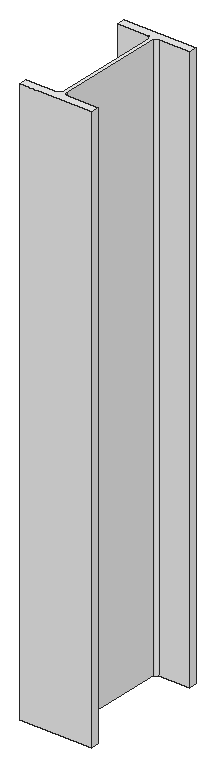
Revit family
Parameters (values of type "W530X248")
  Column Material [instance] = Metal - Steel - 345 MPa
  Assembly Code = ""
  A = 0.031 m²
  W = 2.432
  bf = 315 mm
  d = 571 mm
  k = 48.5 mm
  kr = k - tf  # 14 mm
  tf = 34.5 mm
  tw = 19 mm
Reference planes
  plane 1: y = 0
  plane 2: z = 0
  plane 3: x = 0
  plane 4: x = -157.5
  plane 5: x = 157.5
  plane 6: y = 285.5
  plane 7: y = -285.5
  plane 8: x = -3.969
  plane 9: x = 3.969
Forms (mm)
  Extrusion 1, solid, material "Metal - Steel - 345 MPa" <- "Column Material", detail levels medium
    sketch origin (0, 0, 0) x (1, 0, 0) y (0, 1, 0)
      loop
        line (-157.5, 285.5) -> (-157.5, 251) -> (-9.5, 251) -> (-9.5, -251) -> (-157.5, -251) -> (-157.5, -285.5) -> (157.5, -285.5) -> (157.5, -251) -> (9.5, -251) -> (9.5, 251) -> (157.5, 251) -> (157.5, 285.5) -> (-157.5, 285.5)
    from 0 to 2500
  Extrusion 2, solid, material "Metal - Steel - 345 MPa" <- "Column Material", detail levels fine
    sketch origin (0, 0, 0) x (1, 0, 0) y (0, 1, 0)
      loop
        line (-157.5, 285.5) -> (-157.5, 251) -> (-23.5, 251)
        arc (-23.5, 251) -> (-13.601, 246.899) -> (-9.5, 237) r 14
        line (-9.5, 237) -> (-9.5, -237)
        arc (-9.5, -237) -> (-13.601, -246.899) -> (-23.5, -251) r 14
        line (-23.5, -251) -> (-157.5, -251) -> (-157.5, -285.5) -> (157.5, -285.5) -> (157.5, -251) -> (23.5, -251)
        arc (23.5, -251) -> (13.601, -246.899) -> (9.5, -237) r 14
        line (9.5, -237) -> (9.5, 237)
        arc (9.5, 237) -> (13.601, 246.899) -> (23.5, 251) r 14
        line (23.5, 251) -> (157.5, 251) -> (157.5, 285.5) -> (-157.5, 285.5)
    from 0 to 2500
Lines and regions (mm)
  symbolic lines, style "StructuralColumnStickSymbols", detail levels coarse
    curve 1: line (-157.5, 285.5, 0) -> (157.5, 285.5, 0)
    curve 2: line (-157.5, -285.5, 0) -> (157.5, -285.5, 0)
    curve 3: line (0, 285.5, 0) -> (0, -285.5, 0)
  symbolic lines, style "Hidden Faces", detail levels medium+fine
    curve 4: line (-3.969, 0, 0) -> (-3.969, 0, 2500)
    curve 5: line (3.969, 0, 2500) -> (3.969, 0, 0)
Dimensions and locks
  equal spacing: plane 4, plane 3, plane 5
  equal spacing: plane 7, plane 1, plane 6
  "d": plane 7 to plane 6
  "bf": plane 4 to plane 5
  "tf": plane 7 to Extrusion 1 sketch curve
  "tf": Extrusion 1 sketch curve to plane 6
  equal spacing: Extrusion 1 sketch curve, plane 3, Extrusion 1 sketch curve
  "tw": Extrusion 1 sketch curve to Extrusion 1 sketch curve
  "kr": radius of Extrusion 2 sketch curve  (x4)
  aligned and locked: plane 6 to Extrusion 1 sketch curve
  aligned and locked: Extrusion 1 sketch curve to plane 7
  aligned and locked: Extrusion 1 sketch curve to plane 4  (x2)
  aligned and locked: plane 5 to Extrusion 1 sketch curve
  aligned and locked: Extrusion 1 sketch curve to plane 5
  aligned and locked: Extrusion 1 sketch curve to Extrusion 1 sketch curve  (x2)
  aligned and locked: level to Extrusion 1
  aligned and locked: level to plane 2
  aligned and locked: Extrusion 1 to plane 2
  aligned and locked: plane 6 to Extrusion 2 sketch curve
  aligned and locked: Extrusion 2 sketch curve to plane 5
  aligned and locked: Extrusion 2 sketch curve to plane 4  (x2)
  aligned and locked: Extrusion 2 sketch curve to Extrusion 1  (x6)
  aligned and locked: Extrusion 2 sketch curve to plane 7
  aligned and locked: plane 5 to Extrusion 2 sketch curve
  aligned and locked: level to Extrusion 2
  aligned and locked: Extrusion 2 to level
Automatic sketch dimensions
  curve 2 to plane 4 = 0 mm
  curve 1 to plane 4 = 0 mm
  curve 3 to plane 3 = 0 mm
  curve 2 to plane 5 = 0 mm
  curve 1 to plane 5 = 0 mm
  curve 3 to plane 7 = 0 mm
  curve 3 to plane 6 = 0 mm
  curve 4 to level = 0 mm  (x2)
  curve 4 to plane 8 = 0 mm
  curve 5 to level = 0 mm  (x2)
  curve 5 to plane 9 = 0 mm
